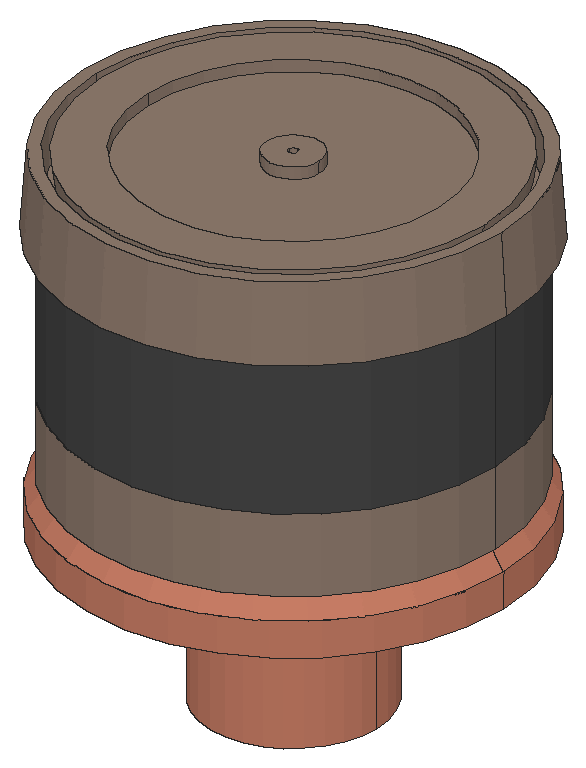
Revit family
Parameters (values of type "4160S02")
  Weight (lb) = 9.69
  Warranty = "1 year material and workmanship"  # constant formula
  URL = "http://www.jrsmith.com"
  Technical and Installation = "http://www.jrsmith.com/products/cleanout/tech_data_index.htm"
  SmartBIM Object Version = 3  # constant formula
  SmartBIM Object Created By = "Reed Construction Data"  # constant formula
  Product URL = "http://www.jrsmith.com/products/cleanout/submittal/d4160.pdf"
  Pipe Radius = Pipe Diameter / 2  # 1"
  Pipe Diameter = 2"
  Pipe = Copper Satin
  OmniClass Title = "Sanitary Drains"  # constant formula
  OmniClass Code = "22-22 13 19 13"  # constant formula
  Model = "4160"  # constant formula
  Material Finish = Duco Coated
  Material = Cast Iron
  Manufacturer = "Jay R. Smith Mfg. Co. "  # constant formula
  Flow Rate = ""
  Floor Offset = 2"
  Description = "Duco cast iron cleanout with square adjustable secured nickel bronze top"  # constant formula
  Default Elevation = 6 197/256"
  Connection Type = ""
  Assembly Code = "D2030400"
  95 CSI = "15155"  # constant formula
  04 CSI = "22 13 19"  # constant formula
Types (4): name | Weight (lb) | Pipe Radius | Pipe Diameter
  4160S03 | 9.41 | 1 1/2" | 3"
  4160S02 | 9.69 | 1" | 2"
  4160S04 | 9.17 | 2" | 4"
  4160S05 | 8.9 | 2 1/2" | 5"
Reference planes (in)
  plane 1 "Center (Front/Back)": y = 0.875
  plane 2: z = 0
  plane 3 "Center (Left/Right)": x = 0
  plane 4: y = 7
  plane 5: y = -5.25
  plane 6: z = 2
  plane 7: z = -1.1875
Dimensions and locks (in)
  equal spacing: plane 5, plane 1 "Center (Front/Back)", plane 4
  "Floor Offset": plane 6 to plane 2
  locked: plane 7 to plane 6 at 3.1875
  aligned and locked: plane 3 "Center (Left/Right)" to nested 1
  aligned and locked: plane 1 "Center (Front/Back)" to nested 1
Nested families (in)
  nested 1: "4160" at (0, 0, 0), type "3" Diameter Outlet"
    with Pipe Radius 1", Pipe Diameter 2", Floor Offset 2"
Connectors (in)
  piping at (0, 0.875, -6.89162), driven by "Pipe Radius"
    settings: on nested 1, index 1
Definition of nested family "4160"
  Parameters (values of type "3" Diameter Outlet")
    Weight (lb) = 0
    Warranty = "1 year material and workmanship"  # constant formula
    URL = "http://www.jrsmith.com"
    Technical and Installation = "http://www.jrsmith.com/products/floor/tech_data_index.htm"
    SmartBIM Object Version = 3  # constant formula
    SmartBIM Object Created By = "Reed Construction Data"  # constant formula
    Product URL = "http://www.jrsmith.com/products/floor/submittal/d2710.pdf"
    Pipe Radius = Pipe Diameter / 2  # 1 1/2"
    Pipe Diameter = 3"
    Pipe = Copper Satin
    OmniClass Title = "Sanitary Drains"  # constant formula
    OmniClass Code = "22-22 13 19 13"  # constant formula
    Model = "2810"  # constant formula
    Material Finish = Duco Coated
    Material = Cast Iron
    Manufacturer = "Jay R. Smith Mfg. Co. "  # constant formula
    Flow Rate = ""
    Floor Offset = 3"
    Description = "Duco cast iron cleanout with square adjustable secured nickel bronze top"  # constant formula
    Default Elevation = 0"
    Connection Type = ""
    Assembly Code = "D2030400"
    95 CSI = "15155"  # constant formula
    04 CSI = "22 13 19"  # constant formula
  Reference planes (in)
    plane 1 "Center (Front/Back)": y = 0.875
    plane 2: z = 0
    plane 3 "Center (Left/Right)": x = 0
    plane 4: y = 7
    plane 5: y = -5.25
  Forms (in)
    Revolve 1, solid, material "Duco Coated" <- "Material Finish"
      sketch origin (0, 0.875, -2.02761) x (1, 0, 0) y (0, 0, 1)
        loop
          line (2.59716, 1.36632) -> (2.59716, -1.89218) -> (2.90541, -1.89218) -> (2.90541, 1.36632) -> (2.59716, 1.36632)
        axis (0, -1.89218) -> (0, 1.36632)
      angle from 0 to 360
    Revolve 2, solid, material "Copper Satin" <- "Pipe"
      sketch origin (0, 0.875, -2.02761) x (1, 0, 0) y (0, 0, 1)
        loop
          line (2.60799, -3.45478) -> (1.5, -3.45478) -> (1.5, -5.86401) -> (1.70493, -5.86401) -> (1.70493, -3.67651) -> (3.03236, -3.67651) -> (3.03236, -3.19953) -> (2.84333, -2.94919) -> (2.84333, -1.89218) -> (2.30838, -1.89218) -> (2.30838, -2.30589) -> (2.02832, -2.30589) -> (2.02832, -2.95478) -> (2.60799, -2.95478) -> (2.60799, -3.45478)
        axis (0, -5.86401) -> (0, -1.89218)
      angle from 0 to 360
    Sweep 3, solid, material "Cast Iron" <- "Material"
      path origin (0, 0, 0) x (1, 0, 0) y (0, 1, 0)
        loop
          circle (0, 0.875) r 3
      profile origin (0, 3.875, 0) x (0, -1, 0) y (0, 0, 1)
        loop
          line (0.00218, 0.125) -> (-0.07088, -0.91979) -> (0.09459, -0.91979) -> (0.09459, -0.66129) -> (0.71525, -0.66129) -> (0.71525, -0.4857) -> (0.16595, -0.4857) -> (0.16595, 0.125) -> (0.00218, 0.125)
    Sweep 4, solid, material "Cast Iron" <- "Material"
      path origin (0, 0, 0) x (1, 0, 0) y (0, 1, 0)
        loop
          circle (0, 0.875) r 2.83405
      profile origin (0, 3.70905, 0) x (0, -1, 0) y (0, 0, 1)
        loop
          line (0.10279, 0.125) -> (0.14716, -0.19764) -> (2.77155, -0.19764) -> (2.77155, 0.125) -> (2.46144, 0.125) -> (2.46144, -0.02989) -> (0.74184, -0.02989) -> (0.74184, 0.125) -> (0.10279, 0.125)
    Revolve 5, solid, material "Cast Iron" <- "Material"
      sketch origin (0, 0.875, 0) x (1, 0, 0) y (0, 0, 1)
        loop
          line (2.84333, -4.9768) -> (2.90541, -4.9768) -> (2.90541, -3.91979) -> (2.84333, -3.91979) -> (2.84333, -4.9768)
        axis (0, -3.91979) -> (0, -4.9768)
      angle from 0 to 360
  Cuts and joins
    joined: Sweep 3, Sweep 4
  Lines and regions (in)
    model lines
      curve 1: line (0, 0.875, -7.89162) -> (0, 0.875, 0.125)
      curve 2: line (-2.5, 0.875, 0.125) -> (2.5, 0.875, 0.125)
  Dimensions and locks (in)
    equal spacing: plane 5, plane 1 "Center (Front/Back)", plane 4
    locked: Revolve 2 sketch curve to Revolve 2 sketch curve at 0.20493
    "Pipe Radius": Revolve 2 sketch curve to plane 3 "Center (Left/Right)"
    Revolve 2 sketch curve to Revolve 2 sketch curve to Revolve 2 sketch curve to Revolve 2 sketch curve to Revolve 2 sketch curve to plane 3 "Center (Left/Right)" = 0.18903" locked, 0.23533" locked, 0.29962" locked, 0.28006" locked, 2.02832" locked
    Sweep 3 sketch curve to Sweep 3 sketch curve to Sweep 3 sketch curve = 0.17559" locked, 0.2585" locked
    locked: Sweep 4 sketch curve to Sweep 4 sketch curve at 0.16774
    "Floor Offset": cut or joined group of Sweep 3, Sweep 4 to Revolve 1 sketch curve
    Revolve 2 sketch curve to Revolve 2 sketch curve to Revolve 2 sketch curve to Revolve 2 sketch curve to Revolve 2 sketch curve to Revolve 2 sketch curve to Revolve 2 sketch curve to Revolve 2 sketch curve = 0.41371" locked, 0.6433" locked, 0.00559" locked, 0.24475" locked, 0.25525" locked, 0.22173" locked, 2 3/16" locked
    "Floor Offset": cut or joined group of Sweep 3, Sweep 4 to Revolve 2 sketch curve
    aligned and locked: curve 1 to Revolve 2
    aligned and locked: Revolve 1 sketch curve to cut or joined group of Sweep 3, Sweep 4
    aligned and locked: Revolve 5 sketch curve to Revolve 2
    aligned and locked: Revolve 2 to Revolve 5 sketch curve
    aligned and locked: Revolve 5 sketch curve to Revolve 1  (x2)
    aligned and locked: Revolve 5 sketch curve to plane 3 "Center (Left/Right)"
  Automatic sketch dimensions
    Revolve 2 sketch curve to plane 3 "Center (Left/Right)" = 0"
    level to Revolve 2 sketch curve = 2.28879"
    Sweep 3 sketch curve to profile plane = 0.00218"
    profile plane to Sweep 3 sketch curve = 0.07088"
    Sweep 3 sketch curve to profile plane = 0.09459"
    Sweep 3 sketch curve to Sweep 3 sketch curve = 0.16377"
    Sweep 3 sketch curve to Sweep 3 sketch curve = 0.5493"
    Sweep 3 sketch curve to plane 1 "Center (Front/Back)" = 0"
    Sweep 3 sketch curve to plane 3 "Center (Left/Right)" = 0"
    Sweep 4 sketch curve to plane 1 "Center (Front/Back)" = 0"
    Sweep 4 sketch curve to plane 3 "Center (Left/Right)" = 0"
    Sweep 4 sketch curve to profile plane = 0.10279"
    Sweep 4 sketch curve to profile plane = 0.14716"
    Sweep 4 sketch curve to Sweep 4 sketch curve = 0.59467"
    Sweep 4 sketch curve to Sweep 4 sketch curve = 1.71961"
    Sweep 4 sketch curve to Sweep 4 sketch curve = 0.31011"
    curve 1 to plane 3 "Center (Left/Right)" = 0"
    curve 2 to curve 1 = 2 1/2"
    plane 3 "Center (Left/Right)" to curve 2 = 2 1/2"
    Revolve 1 sketch curve to plane 3 "Center (Left/Right)" = 0"
    plane 3 "Center (Left/Right)" to Revolve 1 sketch curve = 2.59716"
    Revolve 1 sketch curve to Revolve 1 sketch curve = 0.30825"
    Revolve 1 sketch curve to level = 2.02761"
    Sweep 3 sketch curve to level = 0.91979"
    Sweep 3 sketch curve to Sweep 3 sketch curve = 0.6107"
    Sweep 4 sketch curve to level = 0.19764"
    Sweep 4 sketch curve to Sweep 4 sketch curve = 0.32264"
    Sweep 4 sketch curve to Sweep 4 sketch curve = 0.15489"
    Revolve 2 sketch curve to Revolve 2 sketch curve = 1.12566"
    level to curve 2 = 1/8"
    level to Revolve 1 sketch curve = 2.47233"
    Revolve 5 sketch curve to Revolve 5 sketch curve = 41.67875"
    level to Revolve 5 sketch curve = 95.06503"
    radius of Sweep 3 sketch curve = 3"
    radius of Sweep 4 sketch curve = 2.83405"
